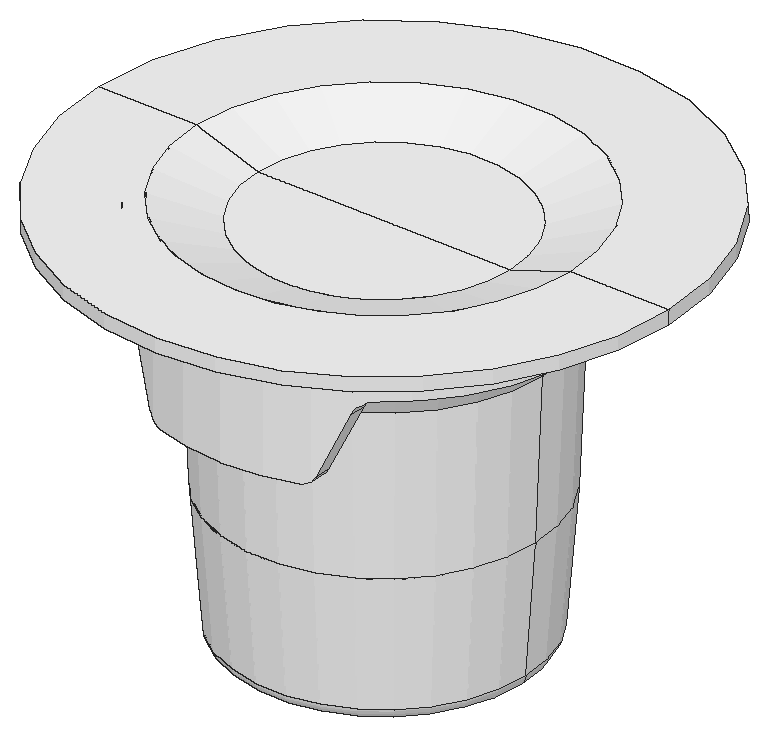
Revit family "0053545 Feilo Sylvania Lighting Fixture START SPOT LED IP65 3000K G2", category Lighting Fixtures, host Face, Revit 2017
Family settings
  Host = Face
  Round Connector Dimension = Use Diameter
  Part Type = Normal
  OmniClass Number = 23.80.70.00
  OmniClass Title = Lighting
  Cut with Voids When Loaded = No
  Light Source = Yes
  Shared = No
  Room Calculation Point = No
Parameters (values of type "0053545 START SPOT LED IP65 3000K G2")
  Weight = "3.648 kg"
  Wattage Comments = ""
  Wattage = 7 W
  WarrantyStartDate [instance] = "n/a"
  WarrantyGuarantorParts = "n/a"
  WarrantyDurationUnit = "n/a"
  WarrantyDurationParts = "n/a"
  WarrantyDescription = "n/a"
  built-in parameter 1150110 = 1 (stored number, unit not read)
  Voltage = 230 V
  VisibilityTop_FEILO = yes
  URL = "http://www.sylvania-lighting.com"
  TypeName = "START SPOT LED IP65 3000K G2"
  Type Image = <None>
  Type Comments = "n/a"
  built-in parameter 1114217 = 1 (stored number, unit not read)
  Tilt Angle = -90.00°
  built-in parameter 1150109 = 1 (stored number, unit not read)
  built-in parameter 1150134 = (empty or 0)
  built-in parameter 1150113 = 1 (stored number, unit not read)
  SerialNumber [instance] = "n/a"
  RadiusOptics_FEILO = 98.5 mm
  RadiusDiffuser_FEILO = 19 mm
  RadiusCutout_FEILO = 36 mm
  Photometric Web File = "0053545.ies"
  Material_3_FEILO = none
  PowerFactor = 0
  PowerConsumption = "7 W"
  NominalLength = 86 mm
  NominalHeight = 60 mm
  NominalDepth = 86 mm
  Name = "START SPOT LED IP65 3000K G2"
  ModelReference = Name  # "START SPOT LED IP65 3000K G2"
  ModelNumber = "0053545"
  Model = Name  # "START SPOT LED IP65 3000K G2"
  Material = "polycarbonate housing, acrylic diffuser"
  ManufacturerName = "Feilo Sylvania"
  Manufacturer = "Feilo Sylvania"
  LuminousEfficacy = "73 lm/W"
  built-in parameter 1150105 = 40.664 (stored number, unit not read)
  Lumens = 511 lm
  LuminaireType = ""
  built-in parameter 1150115 = 1 (stored number, unit not read)
  LightOutputRatio = "100"
  built-in parameter 1150137 = (empty or 0)
  built-in parameter 1150139 = (empty or 0)
  LampsType = Lamp  # "LED"
  LampNominalLuminous = "475 lm"
  LampMacAdamStep = "n/a"
  LampColourTemperature = "3000 K"
  LampColourRenderingIndex = "0"
  built-in parameter 1150112 = 1 (stored number, unit not read)
  built-in parameter 1150114 = 1 (stored number, unit not read)
  Lamp = "LED"
  Keynote = "16500"
  InstallationDate [instance] = "n/a"
  InputVoltage = "220-240V~"
  InputNominalFrequency = "50/60 Hz"
  built-in parameter 1150132 = (empty or 0)
  built-in parameter 1150102 = (empty or 0)
  built-in parameter 1150107 = 3000 (stored number, unit not read)
  built-in parameter 1150138 = (empty or 0)
  IngressProtection = "IP65"
  ImpactProtectionIndex = "IK03"
  built-in parameter 1150106 = 0.40664 (stored number, unit not read)
  IfcExportType = "IfcLightFixtureType"
  IfcExportAs = "IfcLightFixtureType"
  HeightBezel_FEILO = 2 mm
  ExpectedLife = 50000
  Emit from Circle Diameter = 38 mm
  Emit Shape Visible in Rendering = no
  ElectricShockClassification = "Class II"
  built-in parameter 1150104 = 6.7819 (stored number, unit not read)
  DurationUnit = "hours"
  DocumentationLiterature = "http://www.sylvania-lighting.com/product/en-int/products/0053545"
  DimmingControlOptions = "n/a"
  Material_2_FEILO = LED-Sylvania-StartSpot
  Dimming Lamp Color Temperature Shift = <None>
  DiameterBezel_FEILO = 86 mm
  Description = "Integrated LED IP65 fixed downlight, RAL9016, 475LM, 6.5W, 3000K, 100 degree beam angle, polycarbonate white body, low profile 58mm recessed depth, 86mm bezel diameter, 68-74mm cutout, frosted lens."
  DepthDiffuser_FEILO = 3 mm
  Default Elevation = 1219.2 mm
  CreatedOn = "2/14/2018"
  CreatedBy = ""
  Cost = 0
  Color Filter = 16777215
  built-in parameter 1114216 [instance] = (empty or 0)
  ClassificationValue = "EF_70_80"
  ClassificationName = "Uniclass2015"
  Material_1_FEILO = Body-Sylvania-StartSpot-White
  BarCode [instance] = "n/a"
  built-in parameter 1114218 = 1 (stored number, unit not read)
  built-in parameter 1150133 = 10 (stored number, unit not read)
  AssetType = "Fixed"
  AssetIdentifier [instance] = "n/a"
  Assembly Code = "D5020200"
  Apparent Load = 7 VA
  Material_4_FEILO = none
Reference planes
  plane 1 "Center (Front/Back)": y = 0
  plane 2: z = 0
  plane 3 "Center (Left/Right)": x = 0
  plane 4: x = -43
  plane 5: x = 43
  plane 6: z = 2
  plane 7: z = -8
  plane 8: z = -10
  plane 9: z = -13.5
  plane 10: z = -36.5
  plane 11: z = -55
  plane 12: z = -67.625
  plane 13: x = -19
  plane 14: x = -21.5
  plane 15: x = -24
  plane 16: x = -26
  plane 17: x = -31
  plane 18: x = -17
  plane 19: z = -20
  plane 20: z = -1
  plane 21: x = -19
  plane 22: x = -29
  plane 23: x = -23
  plane 24: x = -27.2
  plane 25: x = -26
  plane 26: z = 1
  plane 27: z = 0
  plane 28: x = -12
  plane 29: y = 43
  plane 30: y = 43
  plane 31: y = -43
  plane 32: x = 31
  plane 33: x = 12
  plane 34: x = 17
  plane 35: z = -7
  plane 36: x = -36
  plane 37: x = -28.2
  plane 38: z = -57
Forms (mm)
  Revolve 1, solid, material "Body-Sylvania-StartSpot-White" <- "Material_1_FEILO"
    sketch origin (0, 0, 0) x (1, 0, 0) y (0, 0, 1)
      loop
        line (-28.2, 2) -> (-43, 2) -> (-43, 0) -> (-31, 0) -> (-31, -20) -> (-29, -20) -> (-29, -7) -> (0, -7) -> (0, -1) -> (-19, -1) -> (-28.2, 2)
      axis (0, 2) -> (0, -20)
    angle from 360 to 0
  Extrusion 2, void
    sketch origin (0, 0, 0) x (1, 0, 0) y (0, 0, 1)
      loop
        line (-31, -8) -> (-31, -20) -> (-10.333, -20)
        arc (-10.333, -20) -> (-11.72, -19.58) -> (-12.641, -18.462) r 2.5
        line (-12.641, -18.462) -> (-16.231, -9.846)
        arc (-16.231, -9.846) -> (-17.336, -8.504) -> (-19, -8) r 3
        line (-19, -8) -> (-31, -8)
      loop
        line (31, -8) -> (19, -8)
        arc (19, -8) -> (17.336, -8.504) -> (16.231, -9.846) r 3
        line (16.231, -9.846) -> (12.513, -18.769)
        arc (12.513, -18.769) -> (11.776, -19.664) -> (10.667, -20) r 2
        line (10.667, -20) -> (31, -20) -> (31, -8)
    from -43 to 43
  Revolve 3, void
    sketch origin (0, 0, 0) x (1, 0, 0) y (0, 0, 1)
      loop
        line (-36, 0) -> (-36, -67.625) -> (0, -67.625) -> (0, 0) -> (-36, 0)
      axis (0, 0) -> (0, -67.625)
    angle from 360 to 0
  Revolve 4, solid, material "Body-Sylvania-StartSpot-White" <- "Material_1_FEILO"
    sketch origin (0, 0, 0) x (1, 0, 0) y (0, 0, 1)
      loop
        line (-26, -7) -> (-26, -10) -> (-24, -13.5) -> (-23, -36.5) -> (0, -36.5) -> (0, -7) -> (-26, -7)
      axis (0, -7) -> (0, -36.5)
    angle from 360 to 0
  Revolve 5, solid, material "Body-Sylvania-StartSpot-White" <- "Material_1_FEILO", visible <- "VisibilityTop_FEILO"
    sketch origin (0, 0, 0) x (1, 0, 0) y (0, 0, 1)
      loop
        line (-23, -36.5) -> (-21.5, -55)
        arc (-21.5, -55) -> (-20.601, -56.438) -> (-19, -57) r 2.562
        line (-19, -57) -> (0, -57) -> (0, -36.5) -> (-23, -36.5)
      axis (0, -36.5) -> (0, -57)
    angle from 360 to 0
Cuts and joins
  Extrusion 2 cuts Revolve 1
Lines and regions (mm)
  reference lines
    curve 1: line (-17, 0, -8) -> (-12, 0, -20)
    curve 2: line (17, 0, -8) -> (12, 0, -20)
Dimensions and locks
  equal spacing: plane 5, plane 3 "Center (Left/Right)", plane 4
  "DiameterBezel_FEILO": plane 5 to plane 4
  "HeightBezel_FEILO": plane 6 to plane 2
  plane 3 "Center (Left/Right)" to plane 13 to plane 14 to plane 15 to plane 16 to plane 17 to plane 4 = 19 mm, 2.5 mm, 2.5 mm, 2 mm, 5 mm, 12 mm
  plane 2 to plane 7 to plane 8 to plane 9 to plane 19 to plane 10 to plane 11 to plane 12 = 8 mm locked, 2 mm locked, 3.5 mm locked, 6.5 mm locked, 16.5 mm locked, 18.5 mm locked, 12.625 mm locked
  "DepthDiffuser_FEILO": plane 6 to plane 20
  "RadiusDiffuser_FEILO": plane 3 "Center (Left/Right)" to plane 21
  locked: plane 22 to plane 17 at 2
  locked: plane 23 to plane 15 at 1
  locked: plane 25 to plane 24 at 1.2
  locked: plane 6 to plane 26 at 1
  locked: plane 27 to plane 20 at 1
  locked: plane 3 "Center (Left/Right)" to plane 28 at 12
  equal spacing: plane 31, plane 1 "Center (Front/Back)", plane 30
  "DiameterBezel_FEILO": plane 31 to plane 30
  locked: plane 32 to plane 3 "Center (Left/Right)" at 31
  locked: plane 33 to plane 3 "Center (Left/Right)" at 12
  locked: plane 34 to plane 3 "Center (Left/Right)" at 17
  locked: plane 6 to plane 35 at 9
  "RadiusCutout_FEILO": plane 3 "Center (Left/Right)" to plane 36
  locked: plane 24 to plane 37 at 1
  locked: plane 11 to plane 38 at 2
  locked: plane 3 "Center (Left/Right)" to Revolve 5 sketch curve at 19
  locked: Revolve 5 sketch curve to plane 38 at 2.563
  aligned and locked: plane 2 to host face
  aligned and locked: level to host face
  aligned and locked: Revolve 1 sketch curve to plane 3 "Center (Left/Right)"
  aligned and locked: Revolve 1 sketch curve to plane 17
  aligned and locked: plane 7 to curve 1
  aligned and locked: plane 18 to curve 1
  aligned and locked: plane 28 to curve 1
  aligned and locked: plane 19 to curve 1
  aligned and locked: plane 7 to Extrusion 2 sketch curve  (x2)
  aligned and locked: curve 1 to Extrusion 2 sketch curve
  aligned and locked: Extrusion 2 sketch curve to Revolve 1
  aligned and locked: plane 7 to curve 2
  aligned and locked: plane 19 to curve 2
  aligned and locked: Extrusion 2 sketch curve to plane 32
  aligned and locked: Extrusion 2 sketch curve to curve 2
  aligned and locked: plane 19 to Extrusion 2 sketch curve
  aligned and locked: Extrusion 2 sketch curve to plane 19
  aligned and locked: Revolve 3 sketch curve to level
  aligned and locked: Revolve 3 sketch curve to plane 3 "Center (Left/Right)"  (x2)
  aligned and locked: plane 36 to Revolve 3 sketch curve
  aligned and locked: plane 25 to plane 16
  aligned and locked: Revolve 1 sketch curve to plane 6
  aligned and locked: Revolve 1 sketch curve to plane 22
  aligned and locked: Revolve 3 sketch curve to plane 12
  aligned and locked: Revolve 1 sketch curve to plane 20
  aligned and locked: plane 37 to Revolve 1 sketch curve
  aligned and locked: Revolve 4 sketch curve to plane 3 "Center (Left/Right)"
  aligned and locked: Revolve 4 sketch curve to plane 16
  aligned and locked: plane 35 to Revolve 4 sketch curve
  aligned and locked: plane 15 to Revolve 4 sketch curve
  aligned and locked: plane 23 to Revolve 4 sketch curve
  aligned and locked: plane 10 to Revolve 4 sketch curve
  aligned and locked: plane 3 "Center (Left/Right)" to Revolve 4 sketch curve
  aligned and locked: Revolve 5 sketch curve to plane 3 "Center (Left/Right)"
  aligned and locked: plane 11 to Revolve 5 sketch curve
  aligned and locked: Revolve 5 sketch curve to Revolve 4  (x2)
  aligned and locked: plane 3 "Center (Left/Right)" to Revolve 5 sketch curve
  aligned and locked: Revolve 5 sketch curve to plane 38
  aligned and locked: imposter light to plane 20
  aligned and locked: plane 3 "Center (Left/Right)" to imposter light
  aligned and locked: imposter light to plane 1 "Center (Front/Back)"
Automatic sketch dimensions
  host sketch curve to host sketch curve = 2438.4 mm  (x2)
  curve 2 to plane 33 = 0 mm
  curve 2 to plane 34 = 0 mm
  Extrusion 2 sketch curve to plane 13 = 0 mm
  Extrusion 2 sketch curve to plane 8 = 0.154 mm  (x2)
  Extrusion 2 sketch curve to plane 28 = 0.641 mm
  plane 28 to Extrusion 2 sketch curve = 1.667 mm
  Extrusion 2 sketch curve to plane 33 = 1.333 mm
  plane 33 to Extrusion 2 sketch curve = 0.513 mm
  plane 34 to Extrusion 2 sketch curve = 2 mm
  plane 12 to Revolve 3 sketch curve = 551.6 mm
  Revolve 3 sketch curve to plane 6 = 2607.058 mm
  Revolve 1 sketch curve to plane 4 = 0 mm
  Revolve 1 sketch curve to plane 21 = 0 mm
  Revolve 1 sketch curve to plane 3 "Center (Left/Right)" = 0 mm
  Revolve 1 sketch curve to plane 19 = 0 mm
  Revolve 1 sketch curve to plane 35 = 0 mm
  Revolve 1 sketch curve to level = 0 mm
  plane 12 to Revolve 1 sketch curve = 551.6 mm
  Revolve 1 sketch curve to plane 6 = 2606.058 mm
  Revolve 4 sketch curve to plane 9 = 0 mm
  Revolve 4 sketch curve to plane 8 = 0 mm
  plane 12 to Revolve 4 sketch curve = 541.975 mm
  Revolve 4 sketch curve to plane 6 = 2607.058 mm
  plane 12 to Revolve 5 sketch curve = 541.975 mm
  Revolve 5 sketch curve to plane 6 = 2607.058 mm
Connectors
  electrical at (0, 0, 0), driven by "Apparent Load", driven by "PowerFactor", driven by "Voltage"
    settings: index 1, voltage 230 V, apparent load 7 VA, apparent load phase1 0 VA, apparent load phase2 0 VA, apparent load phase3 0 VA, power factor 0, load classification "Lighting", number of poles 1, system type 30, power factor state 1, is connector primary yes, connector utility no, sub classification motor no, connector description ""
